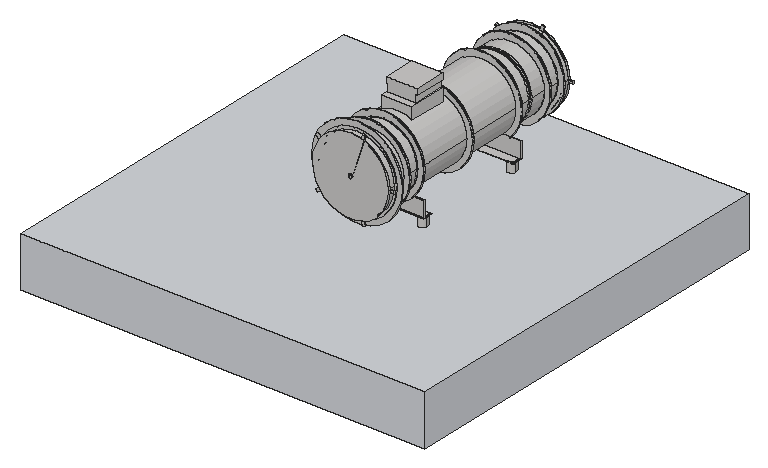
Revit family "HARMANN - REVIT - MAXEE_EC- poziomy", category Wyposażenie mechaniczne, Revit 2025
Family settings
  Obiekt nadrzędny = Powierzchnia
  Wymiar okrągłego złącza = Użyj średnicy
  Klasyfikacja = Brak
  Typ części = Normalny
  Tnij formami wycięć po wczytaniu = Nie
  Zachowaj orientację opisów = Nie
  Współdzielony = Nie
  Punkt obliczania pomieszczeń = Nie
Parameters (values of type "MAXEE 400/8900EC")
  Zaznacz wybrane akcesoria [instance] = "Wybierz akcesoria"  # constant formula
  Zasilanie natężenie maksymalne Imax = 10.3 A
  Zasilanie napięcie nominalne Unom = 230 V  # constant formula
  Zasilanie fmin = 1 V  # constant formula
  Zasilanie fmax = 10 V  # constant formula
  Zasilanie Moc maksymalna Pmax = 1460 W
  Zasilanie Ilość faz = 1  # constant formula
  Wysokość FSD = size_lookup(Lookup Table Name, "Wysokość FSD", 1.00 mm, N1)  # 57.00 mm
  Wysokość FAL = size_lookup(Lookup Table Name, "Wysokość FAL", 1.00 mm, N1)  # 99.00 mm
  Wysokość = R2 - (Wysokość FAL / 2) + 8.00 mm  # 158.50 mm
  Temperatura pracy T = 60 °C  # constant formula
  TRA [instance] = and(D > 999.00 mm, D < 1251.00 mm)  # no
  Rzeczywista Wartość Przepływu Wylot [instance] = Podaj Rzeczywistą Wartość Przepływu Wylot  # 0.0 m³/h
  Rzeczywista Wartość Przepływu Wlot [instance] = Podaj Rzeczywistą Wartość Przepływu Wlot  # 0.0 m³/h
  R2 = D / 2  # 200.00 mm
  Wyłącznik serwisowy GS [instance] = 1 = 1  # yes
  Podaj Rzeczywistą Wartość Przepływu Wylot [instance] = 0.0 m³/h
  Podaj Rzeczywistą Wartość Przepływu Wlot [instance] = 0.0 m³/h
  Odległość pomiędzy stopami wentylatora [instance] = if(Czy Przyłącze okrągłe RVS, 3.00 mm, Długość RVS SPR + 3.00 mm)  # 3.00 mm
  Numer artykułu = "15409300"
  Długość RVS SPR [instance] = if(Czy Przyłącze okrągłe RVS, Długość RVS, 0.00 mm)  # 368.00 mm
  Długość RVK H SPR [instance] = if(Czy Klapa Zwrotna RVK H, Długość RVK H, 0.00 mm)  # 218.00 mm
  Długość RVK H [instance] = size_lookup(Lookup Table Name, "Długość RVK H F4", 1.00 mm, N1)  # 218.00 mm
  Długość EXP od strony tłoczonej SPR [instance] = if(Czy Złącze Elastyczne EXP, Długość EXP, 0.00 mm)  # 105.00 mm
  Długość EXP SPR [instance] = if(Czy Złącze Elastyczne EXP od strony tłocznej, Długość EXP, 0.00 mm)  # 105.00 mm
  Długość RAF SPR [instance] = if(Czy Kołnierz Wlotowy RAF od strony tłocznej, Długość RAF, 0.00 mm)  # 40.00 mm
  Długość ESD SPR [instance] = if(Czy Dysza wlotowa ESD, Długość ESD, 0.00 mm)  # 100.00 mm
  Czy Siatka Ochronna SGW od strony ssawnej [instance] = yes
  Czy Siatka Ochronna SGW od strony tłocznej [instance] = yes
  Czy Przyłącze okrągłe RVS [instance] = yes
  Powietrze ciśnienie statyczne maksymalne dPmax = 510.0 Pa
  Powietrze Przepływ Maksymalny Qmax = 8900.0 m³/h
  Obroty nominalne nnom = 26100.000 obr./min
  N1 = 6 mm
  Model = "MAXEE 400/8900EC"
  Moc akustyczna nominalna obudowa Lwa = "79 dB(A)"
  Masa = 20.40 kg
  Producent = "Harmann Polska Sp. z o.o."  # constant formula
  MAXEE_EC = HARMANN - MAXEE : MAXEE 400/8900EC
  Lookup Table Name = "MAXEE EC"
  Klasa odporności ogniowej Tmax = "brak"
  F = size_lookup(Lookup Table Name, "F", 1.00 mm, N1)  # 396.00 mm
  Długość TRA [instance] = if(Czy Przyłącze okrągłe RVS, Długość RVS + Długość MAXEE - (23.50 mm * 2), Długość MAXEE - (23.50 mm * 2))  # 689.00 mm
  Długość RVS [instance] = size_lookup(Lookup Table Name, "Długość RVS", 1.00 mm, N1)  # 368.00 mm
  Długość EXP [instance] = size_lookup(Lookup Table Name, "Długość RAS F4", 1.00 mm, N1)  # 105.00 mm
  Długość RAF [instance] = size_lookup(Lookup Table Name, "Długość RAF", 1.00 mm, N1)  # 40.00 mm
  Długość MAXEE = size_lookup(Lookup Table Name, "B", 1.00 mm, N1)  # 368.00 mm
  Długość ESD [instance] = size_lookup(Lookup Table Name, "Długość ESD", 1.00 mm, N1)  # 100.00 mm
  Opis = "Kanałowy wentylator bytowy"  # constant formula
  Domyślna rzędna = 1219.20 mm
  D2 = D + 6.00 mm  # 406.00 mm
  D = size_lookup(Lookup Table Name, "D", 1.00 mm, N1)  # 400.00 mm
  Czy Złącze Elastyczne EXP [instance] = yes
  Czy Złącze Elastyczne EXP od strony tłocznej [instance] = yes
  Czy Kołnierz Wlotowy RAF od strony tłocznej [instance] = 1 = 1  # yes
  Czy Kołnierz Wlotowy RAF od strony ssawnej [instance] = 1 = 1  # yes
  Czy Klapa Zwrotna RVK H [instance] = yes
  Czy Dysza wlotowa ESD [instance] = yes
  Ciśnienie akustyczne nominalne obudowa Lpa = "72 dB(A)"
  C = size_lookup(Lookup Table Name, "C", 1.00 mm, N1)  # 450.00 mm
  B = size_lookup(Lookup Table Name, "B", 1.00 mm, N1)  # 368.00 mm
  Autor = "https://www.archispace.com/"
  Akcesoria od strony tłocznej (WYLOT) [instance] = "Akcesoria od strony tłocznej"  # constant formula
  Akcesoria od strony ssawnej (WLOT) [instance] = "Akcesoria od strony ssawnej"  # constant formula
  Akc SGE dla ESD = HARMANN - Akcesoria - SGE : SGE 450
  Akc SGE = HARMANN - Akcesoria - SGE : SGE 400
  Akc RVS = HARMANN - Akcesoria - RVS : RVS 400
  Akc RVK H = HARMANN - Akcesoria - RVK H : RVK H 400
  Akc EXP = HARMANN - Akcesoria - EXP : EXP 400
  Akc RAF = HARMANN - Akcesoria - RAF : RAF 400
  Akc FSD = HARMANN - Akcesoria - FSD : FSD 02
  Akc FAL = HARMANN - Akcesoria - FAL : FAL 400
  Akc ESD = HARMANN - Akcesoria - ESD : ESD 400
  A = size_lookup(Lookup Table Name, "A", 1.00 mm, N1)  # 480.00 mm
Reference planes
  plane 1 "Center (Front/Back)": y = 0
  plane 2: z = 0
  plane 3 "Center (Left/Right)": x = 0
  plane 4: z = 57
  plane 5: z = 314.5
  plane 6: y = 736
  plane 7: y = 368
  plane 8: y = -105
  plane 9: y = -205
  plane 10: y = 1059
  plane 11: y = 1099
  plane 12: y = 954
  plane 13: y = 54
  plane 14: y = 733
  plane 15: x = -240
  plane 16: x = 240
  plane 17: z = 156
  plane 18: y = -245
Forms (mm)
  Extrusion 1, solid
    sketch origin (0, 0, 0) x (1, 0, 0) y (0, 1, 0)
      loop
        line (-1219.2, 1219.2) -> (-1219.2, -1219.2) -> (1219.2, -1219.2) -> (1219.2, 1219.2) -> (-1219.2, 1219.2)
    from 0 to -304.8
Dimensions and locks
  "Wysokość FSD": plane 4 to level
  "Wysokość": plane 5 to plane 17
  "Długość RVS SPR": plane 6 to plane 7
  "Długość MAXEE": plane 1 "Center (Front/Back)" to plane 7
  "Długość EXP od strony tłoczonej SPR": plane 8 to plane 1 "Center (Front/Back)"
  "Długość ESD SPR": plane 8 to plane 9
  "Długość RAF SPR": plane 11 to plane 10
  "Długość RVK H SPR": plane 12 to plane 6
  "Długość EXP SPR": plane 10 to plane 12
  locked: plane 13 to plane 1 "Center (Front/Back)" at 54
  "Odległość pomiędzy stopami wentylatora": plane 6 to plane 14
  equal spacing: plane 15, plane 3 "Center (Left/Right)", plane 16
  "A": plane 15 to plane 16
  locked: plane 15 to nested 17 at 32.5
  locked: plane 14 to nested 17 at 5
  "Wysokość FAL": plane 17 to plane 4
  locked: nested 21 to plane 16 at 32.5
  locked: plane 14 to nested 21 at 31
  locked: plane 1 "Center (Front/Back)" to nested 23 at 31
  locked: plane 1 "Center (Front/Back)" to nested 22 at 31
  locked: plane 15 to nested 22 at 32.5
  locked: nested 23 to plane 16 at 32.5
  plane 5 to level = 314.50 mm
  locked: plane 1 "Center (Front/Back)" to nested 24 at 23.5
  locked: plane 1 "Center (Front/Back)" to nested 25 at 23.5
  "Długość RAF SPR": plane 9 to plane 18
  nested 26 to plane 16 = 240.00 mm
  aligned and locked: plane 2 to Extrusion 1
  aligned and locked: level to Extrusion 1
  aligned and locked: plane 3 "Center (Left/Right)" to nested 3
  aligned and locked: plane 5 to nested 3
  aligned and locked: nested 3 to plane 6
  aligned and locked: plane 1 "Center (Front/Back)" to nested 5
  aligned and locked: plane 3 "Center (Left/Right)" to nested 5
  aligned and locked: plane 5 to nested 5
  aligned and locked: plane 3 "Center (Left/Right)" to nested 1
  aligned and locked: plane 3 "Center (Left/Right)" to nested 6
  aligned and locked: plane 3 "Center (Left/Right)" to nested 2
  aligned and locked: plane 5 to nested 7
  aligned and locked: plane 5 to nested 6
  aligned and locked: plane 5 to nested 1
  aligned and locked: plane 5 to nested 2
  aligned and locked: plane 1 "Center (Front/Back)" to nested 6
  aligned and locked: nested 7 to plane 9
  aligned and locked: plane 3 "Center (Left/Right)" to nested 7
  aligned and locked: nested 1 to plane 10
  aligned and locked: nested 2 to plane 11
  aligned and locked: plane 5 to nested 12
  aligned and locked: plane 3 "Center (Left/Right)" to nested 12
  aligned and locked: nested 12 to plane 12
  aligned and locked: nested 15 to plane 3 "Center (Left/Right)"
  aligned and locked: plane 3 "Center (Left/Right)" to nested 16
  aligned and locked: nested 16 to plane 11
  aligned and locked: nested 19 to plane 14
  aligned and locked: plane 3 "Center (Left/Right)" to nested 19
  aligned and locked: plane 1 "Center (Front/Back)" to nested 20
  aligned and locked: nested 20 to plane 3 "Center (Left/Right)"
  aligned and locked: nested 19 to plane 4
  aligned and locked: plane 4 to nested 20
  aligned and locked: nested 24 to plane 16
  aligned and locked: nested 25 to plane 15
  aligned and locked: nested 25 to plane 4
  aligned and locked: plane 4 to nested 24
  aligned and locked: nested 26 to plane 3 "Center (Left/Right)"
  aligned and locked: nested 15 to plane 18
  aligned and locked: plane 5 to nested 26
  aligned and locked: plane 5 to nested 15
  aligned and locked: nested 26 to plane 18
  aligned and locked: plane 5 to nested 16
Automatic sketch dimensions
  Extrusion 1 sketch curve to Extrusion 1 sketch curve = 2438.40 mm  (x2)
Nested families
  nested 1: "HARMANN - Akcesoria - EXP" at (0, 954, 314.5), visible <- "Czy Złącze Elastyczne EXP od strony tłocznej", type <- "Akc EXP", type "EXP 400"
    with N1 3 mm, Masa 3.70 kg, E 105.00 mm, D 404.00 mm, B 400.00 mm, A2 480.00 mm, A 450.00 mm
  nested 2: "HARMANN - Akcesoria - RAF" at (0, 1059, 314.5), type <- "Akc RAF", visible <- "Czy Kołnierz Wlotowy RAF od strony tłocznej", type "RAF 400"
  nested 3: "HARMANN - Akcesoria - RVS" at (0, 368, 314.5), type <- "Akc RVS", visible <- "Czy Przyłącze okrągłe RVS", type "RVS 400"
  nested 4: "HARMANN - Akcesoria - RVS" at (0, 383, 758), type <- "Akc RVS", visible <- "Czy Przyłącze okrągłe RVS", type "RVS 400", not visible
  nested 5: "HARMANN - MAXEE" at (0, 0, 314.5), type <- "MAXEE_EC", type "MAXEE 400/8900EC"
  nested 6: "HARMANN - Akcesoria - EXP" at (0, -105, 314.5), visible <- "Czy Złącze Elastyczne EXP", type <- "Akc EXP", type "EXP 400"
    with N1 3 mm, Masa 3.70 kg, E 105.00 mm, D 404.00 mm, B 400.00 mm, A2 480.00 mm, A 450.00 mm
  nested 7: "HARMANN - Akcesoria - ESD" at (0, -205, 314.5), type <- "Akc ESD", visible <- "Czy Dysza wlotowa ESD", type "ESD 400"
  nested 8: "HARMANN - Akcesoria - EXP" at (0, -120, 758), visible <- "Czy Złącze Elastyczne EXP", type <- "Akc EXP", type "EXP 400", not visible
    with N1 3 mm, Masa 3.70 kg, E 105.00 mm, D 404.00 mm, B 400.00 mm, A2 480.00 mm, A 450.00 mm
  nested 9: "HARMANN - Akcesoria - ESD" at (0, -759, 758), type <- "Akc ESD", visible <- "Czy Dysza wlotowa ESD", type "ESD 400", not visible
  nested 10: "HARMANN - Akcesoria - EXP" at (0, 1306, 758), visible <- "Czy Złącze Elastyczne EXP od strony tłocznej", type <- "Akc EXP", type "EXP 400", not visible
    with N1 3 mm, Masa 3.70 kg, E 105.00 mm, D 404.00 mm, B 400.00 mm, A2 480.00 mm, A 450.00 mm
  nested 11: "HARMANN - Akcesoria - RAF" at (0, 1526, 758), type <- "Akc RAF", visible <- "Czy Kołnierz Wlotowy RAF od strony tłocznej", type "RAF 400", not visible
  nested 12: "HARMANN - Akcesoria - RVK H" at (0, 736, 314.5), visible <- "Czy Klapa Zwrotna RVK H", type <- "Akc RVK H", type "RVK H 400"
    with N1 3 mm, E 218.00 mm, D 404.00 mm, B 400.00 mm, A2 480.00 mm, A 450.00 mm
  nested 13: "HARMANN - Akcesoria - RVK H" at (0, 833, 415.5), visible <- "Czy Klapa Zwrotna RVK H", type <- "Akc RVK H", type "RVK H 400", not visible
    with N1 3 mm, E 218.00 mm, D 404.00 mm, B 400.00 mm, A2 480.00 mm, A 450.00 mm
  nested 14: "HARMANN - Akcesoria - SGE" at (0, -431, 758), visible <- "Czy Siatka Ochronna SGW od strony ssawnej", type <- "Akc SGE dla ESD", type "SGE 450", not visible
  nested 15: "HARMANN - Akcesoria - SGE" at (0, -245, 314.5), visible <- "Czy Siatka Ochronna SGW od strony ssawnej", type <- "Akc SGE dla ESD", type "SGE 450"
  nested 16: "HARMANN - Akcesoria - SGE" at (0, 1099, 314.5), visible <- "Czy Siatka Ochronna SGW od strony tłocznej", type <- "Akc SGE dla ESD", type "SGE 450"
  nested 17: "HARMANN - Akcesoria - FSD" at (-207.5, 702, 0), type <- "Akc FSD", type "FSD 02"
  nested 18: "HARMANN - Akcesoria - SGE" at (0, 1167, 647), visible <- "Czy Siatka Ochronna SGW od strony tłocznej", type <- "Akc SGE dla ESD", type "SGE 450", not visible
  nested 19: "HARMANN - Akcesoria - FAL" at (0, 733, 57), type <- "Akc FAL", R2 <- "R2", type "FAL 400"
    with R2 200.00 mm
  nested 20: "HARMANN - Akcesoria - FAL" at (0, 0, 57), type <- "Akc FAL", R2 <- "R2", type "FAL 400"
    with R2 200.00 mm
  nested 21: "HARMANN - Akcesoria - FSD" at (207.5, 702, 0), type <- "Akc FSD", type "FSD 02"
  nested 22: "HARMANN - Akcesoria - FSD" at (-207.5, 31, 0), type <- "Akc FSD", type "FSD 02"
  nested 23: "HARMANN - Akcesoria - FSD" at (207.5, 31, 0), type <- "Akc FSD", type "FSD 02"
  nested 24: "HARMANN - Akcesoria - TRA" at (240, 368, 57) x (0, 1, 0) z (0, 0, 1), visible <- "TRA", C <- "Długość TRA", type "HARMANN - Akcesoria - TRA"
    with C 689.00 mm
  nested 25: "HARMANN - Akcesoria - TRA" at (-240, 368, 57) x (0, 1, 0) z (0, 0, 1), visible <- "TRA", C <- "Długość TRA", type "HARMANN - Akcesoria - TRA"
    with C 689.00 mm
  nested 26: "HARMANN - Akcesoria - RAF" at (0, -205, 314.5), type <- "Akc RAF", visible <- "Czy Kołnierz Wlotowy RAF od strony ssawnej", type "RAF 400"
  nested 27: "HARMANN - Akcesoria - RAF" at (0, -799, 727), type <- "Akc RAF", visible <- "Czy Kołnierz Wlotowy RAF od strony ssawnej", type "RAF 400", not visible
Connectors
  electrical at (0, 229.75, 649.5), driven by "Zasilanie Ilość faz", driven by "Zasilanie napięcie nominalne Unom", driven by "Zasilanie Moc maksymalna Pmax", driven by "Zasilanie Moc maksymalna Pmax"
    settings: on nested 5, index 1, voltage 230 V, apparent load 1460 VA, apparent load phase1 1460 VA, apparent load phase2 0 VA, apparent load phase3 0 VA, power factor 1, load classification "Other", number of poles 1, system type 30, power factor state 1, is connector primary yes, connector utility no, sub classification motor no, connector description ""
  hvac at (0, 1059, 314.5), driven by "D", driven by "Rzeczywista Wartość Przepływu Wylot"
    settings: on nested 2, index 2, duct flow 0.0 m³/h, flow factor 0, pres drop 0.0 Pa, loss coef 0, conn angle 0.00°, conn width 304.8 mm, conn height 304.8 mm, conn diameter 400 mm, duct sys type 29, conn prof type 0, flow config 0, flow direction 2, loss method 0, conn ref index -1, conn util no, is conn primary yes, conn desc ""
  hvac at (0, -205, 314.5), driven by "D", driven by "Rzeczywista Wartość Przepływu Wlot"
    settings: on nested 26, index 3, duct flow 0.0 m³/h, flow factor 0, pres drop 0.0 Pa, loss coef 0, conn angle 0.00°, conn width 304.8 mm, conn height 304.8 mm, conn diameter 400 mm, duct sys type 29, conn prof type 0, flow config 1, flow direction 1, loss method 0, conn ref index -1, conn util no, is conn primary no, conn desc ""
Definition of nested family "HARMANN - Akcesoria - EXP"
  Parameters (values of type "RAS 315 F4")
    N1 = 1 mm
    Model = size_lookup(Lookup Table Name, "Model", "n/a", N1)  # "RAS 315 F4"
    Masa = 2.70 kg
    Manufacturer = "Harmann Polska Sp. z o.o."  # constant formula
    Lookup Table Name = "RAS F4"
    E = size_lookup(Lookup Table Name, "E", 1.00 mm, N1)  # 120.00 mm
    Description = "Złącze elastyczne"  # constant formula
    Default Elevation = 0.00 mm
    D = B + 4.00 mm  # 319.00 mm
    B = size_lookup(Lookup Table Name, "B", 1.00 mm, N1)  # 315.00 mm
    A2 = A + 30.00 mm  # 385.00 mm
    A = size_lookup(Lookup Table Name, "A", 1.00 mm, N1)  # 355.00 mm
  Types (13, lengths in mm): name | N1 | Model | Masa | E | D | B | A2 | A
    RAS 1000 F4 | 11 | "RAS 1000 F4" | 16.50 kg | 245.00 | 1004.00 | 1000.00 | 1100.00 | 1070.00
    RAS 315 F4 | 1 | "RAS 315 F4" | 2.70 kg | 120.00 | 319.00 | 315.00 | 385.00 | 355.00
    RAS 355 F4 | 2 | "RAS 355 F4" | 3.30 kg | 120.00 | 359.00 | 355.00 | 425.00 | 395.00
    RAS 400 F4 | 3 | "RAS 400 F4" | 3.70 kg | 105.00 | 404.00 | 400.00 | 480.00 | 450.00
    RAS 450 F4 | 4 | "RAS 450 F4" | 4.50 kg | 105.00 | 454.00 | 450.00 | 530.00 | 500.00
    RAS 500 F4 | 5 | "RAS 500 F4" | 6.00 kg | 153.00 | 504.00 | 500.00 | 590.00 | 560.00
    RAS 560 F4 | 6 | "RAS 560 F4" | 6.60 kg | 153.00 | 564.00 | 560.00 | 650.00 | 620.00
    RAS 630 F4 | 7 | "RAS 630 F4" | 7.40 kg | 153.00 | 634.00 | 630.00 | 720.00 | 690.00
    RAS 710 F4 | 8 | "RAS 710 F4" | 12.50 kg | 255.00 | 714.00 | 710.00 | 800.00 | 770.00
    RAS 800 F4 | 9 | "RAS 800 F4" | 13.20 kg | 255.00 | 804.00 | 800.00 | 890.00 | 860.00
    RAS 900 F4 | 10 | "RAS 900 F4" | 14.90 kg | 245.00 | 904.00 | 900.00 | 1000.00 | 970.00
    RAS 1120 F4 | 12 | "RAS 1120 F4" | 18.50 kg | 235.00 | 1124.00 | 1120.00 | 1220.00 | 1190.00
    RAS 1250 F4 | 13 | "RAS 1250 F4" | 20.60 kg | 235.00 | 1254.00 | 1250.00 | 1350.00 | 1320.00
  Reference planes
    plane 1 "Center (Front/Back)": y = 0
    plane 2: z = 0
    plane 3 "Center (Left/Right)": x = 0
    plane 4: x = -177.5
    plane 5: x = 177.5
    plane 6: z = 177.5
    plane 7: z = -177.5
    plane 8: y = 120
    plane 9 "Center L/S": y = 3
    plane 10: y = 117
    plane 11: y = 20
    plane 12: y = 100
  Forms (mm)
    Sweep 1, solid, detail levels medium+fine
      path origin (0, 0, 0) x (1, 0, 0) y (0, 1, 0)
        loop
          line (0, 117) -> (0, 3)
      profile origin (0, 60, 0) x (1, 0, 0) y (0, 0, 1)
        loop
          circle (0, 0) r 159.5
        loop
          circle (0, 0) r 157.5
    Sweep 2, solid, detail levels medium+fine
      path origin (0, 0, 0) x (1, 0, 0) y (0, 1, 0)
        loop
          line (0, 120) -> (0, 117)
      profile origin (0, 118.5, 0) x (1, 0, 0) y (0, 0, 1)
        loop
          circle (0, 0) r 192.5
        loop
          circle (0, 0) r 157.5
    Sweep 3, solid, detail levels medium+fine
      path origin (0, 0, 0) x (1, 0, 0) y (0, 1, 0)
        loop
          line (0, 3) -> (0, 0)
      profile origin (0, 1.5, 0) x (1, 0, 0) y (0, 0, 1)
        loop
          circle (0, 0) r 192.5
        loop
          circle (0, 0) r 157.5
    Sweep 4, solid, detail levels coarse
      path origin (0, 0, 0) x (1, 0, 0) y (0, 1, 0)
        loop
          line (0, 120) -> (0, 0)
      profile origin (0, 60, 0) x (1, 0, 0) y (0, 0, 1)
        loop
          circle (0, 0) r 192.5
    Sweep 5, solid, detail levels medium+fine
      path origin (0, 0, 0) x (1, 0, 0) y (0, 1, 0)
        loop
          line (0, 102) -> (0, 98)
      profile origin (0, 100, 0) x (1, 0, 0) y (0, 0, 1)
        loop
          circle (0, 0) r 159.5
        loop
          circle (0, 0) r 157.5
    Sweep 6, solid, detail levels medium+fine
      path origin (0, 0, 0) x (1, 0, 0) y (0, 1, 0)
        loop
          line (0, 22) -> (0, 18)
      profile origin (0, 20, 0) x (1, 0, 0) y (0, 0, 1)
        loop
          circle (0, 0) r 159.5
        loop
          circle (0, 0) r 157.5
  Dimensions and locks
    equal spacing: plane 5, plane 3 "Center (Left/Right)", plane 4
    "A": plane 5 to plane 4
    equal spacing: plane 6, level, plane 7
    "A": plane 6 to plane 7
    locked: plane 1 "Center (Front/Back)" to plane 9 "Center L/S" at 3
    locked: plane 10 to plane 8 at 3
    locked: plane 11 to plane 8 at 100
    "E": plane 1 "Center (Front/Back)" to plane 8
    locked: plane 1 "Center (Front/Back)" to plane 12 at 100
    equal spacing: Sweep 5 sketch curve, plane 12, Sweep 5 sketch curve
    Sweep 5 sketch curve to Sweep 5 sketch curve = 4.00 mm
    locked: Sweep 6 sketch curve to Sweep 6 sketch curve at 4
    equal spacing: Sweep 6 sketch curve, plane 11, Sweep 6 sketch curve
    "B": diameter of Sweep 1 sketch curve
    "B": diameter of Sweep 2 sketch curve
    "A2": diameter of Sweep 2 sketch curve
    "B": diameter of Sweep 3 sketch curve
    "A2": diameter of Sweep 3 sketch curve
    "A2": diameter of Sweep 4 sketch curve
    "D": diameter of Sweep 1 sketch curve
    "D": diameter of Sweep 5 sketch curve
    "B": diameter of Sweep 5 sketch curve
    "D": diameter of Sweep 6 sketch curve
    "B": diameter of Sweep 6 sketch curve
    aligned and locked: level to plane 2
    aligned and locked: Sweep 1 sketch curve to plane 3 "Center (Left/Right)"
    aligned and locked: plane 10 to Sweep 1 sketch curve
    aligned and locked: plane 9 "Center L/S" to Sweep 1 sketch curve
    aligned and locked: Sweep 2 sketch curve to plane 3 "Center (Left/Right)"
    aligned and locked: plane 8 to Sweep 2 sketch curve
    aligned and locked: plane 10 to Sweep 2 sketch curve
    aligned and locked: plane 1 "Center (Front/Back)" to Sweep 3 sketch curve
    aligned and locked: plane 9 "Center L/S" to Sweep 3 sketch curve
    aligned and locked: plane 8 to Sweep 4 sketch curve
    aligned and locked: plane 1 "Center (Front/Back)" to Sweep 4 sketch curve
  Automatic sketch dimensions
    Sweep 3 sketch curve to plane 3 "Center (Left/Right)" = 0.00 mm
    Sweep 4 sketch curve to plane 3 "Center (Left/Right)" = 0.00 mm
    Sweep 5 sketch curve to plane 3 "Center (Left/Right)" = 0.00 mm
    Sweep 6 sketch curve to plane 3 "Center (Left/Right)" = 0.00 mm
    Sweep 1 sketch curve to Sweep 1 sketch curve = 0.00 mm  (x2)
    Sweep 1 sketch curve to level = 0.00 mm
    profile plane to Sweep 1 sketch curve = 0.00 mm
    Sweep 2 sketch curve to Sweep 2 sketch curve = 0.00 mm  (x2)
    Sweep 2 sketch curve to level = 0.00 mm
    profile plane to Sweep 2 sketch curve = 0.00 mm
    Sweep 3 sketch curve to Sweep 3 sketch curve = 0.00 mm  (x2)
    Sweep 3 sketch curve to level = 0.00 mm
    profile plane to Sweep 3 sketch curve = 0.00 mm
    Sweep 4 sketch curve to level = 0.00 mm
    profile plane to Sweep 4 sketch curve = 0.00 mm
    Sweep 5 sketch curve to Sweep 5 sketch curve = 0.00 mm  (x2)
    Sweep 5 sketch curve to level = 0.00 mm
    profile plane to Sweep 5 sketch curve = 0.00 mm
    Sweep 6 sketch curve to Sweep 6 sketch curve = 0.00 mm  (x2)
    Sweep 6 sketch curve to level = 0.00 mm
    profile plane to Sweep 6 sketch curve = 0.00 mm
Definition of nested family "HARMANN - Akcesoria - RAF"
  Parameters (values of type "RAF 1250")
    Numer artykułu = size_lookup(Lookup Table Name, "Numer artykułu", "n/a", N1)  # "15750300"
    N1 = 13 mm
    Model = size_lookup(Lookup Table Name, "Model", "n/a", N1)  # "RAF 1250"
    Manufacturer = "Harmann Polska Sp. z o.o."  # constant formula
    Lookup Table Name = "RAF"
    E = size_lookup(Lookup Table Name, "E", 1.00 mm, N1)  # 105.00 mm
    Description = "Kołnierz wlotowy dedykowany dla wentylatorów kanałowych MAXEE."
    Default Elevation = 0.00 mm
    B = size_lookup(Lookup Table Name, "B", 1.00 mm, N1)  # 1244.00 mm
    A2 = A + 30.00 mm  # 1350.00 mm
    B2 = B + 54.00 mm  # 1298.00 mm
    A = size_lookup(Lookup Table Name, "A", 1.00 mm, N1)  # 1320.00 mm
  Types (13, lengths in mm): name | Numer artykułu | N1 | Model | E | B | A2 | B2 | A
    RAF 1000 | "15741400" | 11 | "RAF 1000" | 110.00 | 994.00 | 1100.00 | 1048.00 | 1070.00
    RAF 315 | "15401600" | 1 | "RAF 315" | 48.00 | 310.00 | 385.00 | 364.00 | 355.00
    RAF 355 | "15401800" | 2 | "RAF 355" | 48.00 | 350.00 | 425.00 | 404.00 | 395.00
    RAF 400 | "15401900" | 3 | "RAF 400" | 40.00 | 395.00 | 480.00 | 449.00 | 450.00
    RAF 450 | "15402000" | 4 | "RAF 450" | 40.00 | 446.00 | 530.00 | 500.00 | 500.00
    RAF 500 | "15402100" | 5 | "RAF 500" | 63.00 | 495.00 | 590.00 | 549.00 | 560.00
    RAF 560 | "15402200" | 6 | "RAF 560" | 63.00 | 555.00 | 650.00 | 609.00 | 620.00
    RAF 630 | "15402300" | 7 | "RAF 630" | 63.00 | 625.00 | 720.00 | 679.00 | 690.00
    RAF 710 | "15402400" | 8 | "RAF 710" | 59.00 | 705.00 | 800.00 | 759.00 | 770.00
    RAF 800 | "15739500" | 9 | "RAF 800" | 58.00 | 794.00 | 890.00 | 848.00 | 860.00
    RAF 900 | "15740600" | 10 | "RAF 900" | 53.00 | 894.00 | 1000.00 | 948.00 | 970.00
    RAF 1120 | "15749700" | 12 | "RAF 1120" | 105.00 | 1114.00 | 1220.00 | 1168.00 | 1190.00
    RAF 1250 | "15750300" | 13 | "RAF 1250" | 105.00 | 1244.00 | 1350.00 | 1298.00 | 1320.00
  Reference planes
    plane 1 "Center (Front/Back)": y = 0
    plane 2: z = 0
    plane 3 "Center (Left/Right)": x = 0
    plane 4: x = -660
    plane 5: x = 660
    plane 6: z = 660
    plane 7: z = -660
    plane 8: y = 105
    plane 9 "Center L/S": y = 3
  Forms (mm)
    Sweep 1, solid, detail levels medium+fine
      path origin (0, 0, 0) x (1, 0, 0) y (0, 1, 0)
        loop
          line (0, 105) -> (0, 3)
      profile origin (0, 54, 0) x (1, 0, 0) y (0, 0, 1)
        loop
          circle (0, 0) r 622
        loop
          circle (0, 0) r 649
    Sweep 2, solid, detail levels medium+fine
      path origin (0, 0, 0) x (1, 0, 0) y (0, 1, 0)
        loop
          line (0, 3) -> (0, 0)
      profile origin (0, 1.5, 0) x (1, 0, 0) y (0, 0, 1)
        loop
          circle (0, 0) r 675
        loop
          circle (0, 0) r 622
    Sweep 3, solid, detail levels coarse
      path origin (0, 0, 0) x (1, 0, 0) y (0, 1, 0)
        loop
          line (0, 105) -> (0, 0)
      profile origin (0, 52.5, 0) x (1, 0, 0) y (0, 0, 1)
        loop
          circle (0, 0) r 675
  Dimensions and locks
    equal spacing: plane 5, plane 3 "Center (Left/Right)", plane 4
    "A": plane 5 to plane 4
    equal spacing: plane 6, level, plane 7
    "A": plane 6 to plane 7
    locked: plane 1 "Center (Front/Back)" to plane 9 "Center L/S" at 3
    "E": plane 1 "Center (Front/Back)" to plane 8
    "B2": diameter of Sweep 1 sketch curve
    "B": diameter of Sweep 2 sketch curve
    "A2": diameter of Sweep 2 sketch curve
    "A2": diameter of Sweep 3 sketch curve
    "B": diameter of Sweep 1 sketch curve
    aligned and locked: level to plane 2
    aligned and locked: Sweep 1 sketch curve to plane 3 "Center (Left/Right)"
    aligned and locked: plane 9 "Center L/S" to Sweep 1 sketch curve
    aligned and locked: plane 1 "Center (Front/Back)" to Sweep 2 sketch curve
    aligned and locked: plane 9 "Center L/S" to Sweep 2 sketch curve
    aligned and locked: plane 8 to Sweep 3 sketch curve
    aligned and locked: plane 1 "Center (Front/Back)" to Sweep 3 sketch curve
    aligned and locked: plane 8 to Sweep 1 sketch curve
  Automatic sketch dimensions
    Sweep 2 sketch curve to plane 3 "Center (Left/Right)" = 0.00 mm
    Sweep 3 sketch curve to plane 3 "Center (Left/Right)" = 0.00 mm
    Sweep 1 sketch curve to Sweep 1 sketch curve = 0.00 mm  (x2)
    Sweep 1 sketch curve to level = 0.00 mm
    profile plane to Sweep 1 sketch curve = 0.00 mm
    Sweep 2 sketch curve to Sweep 2 sketch curve = 0.00 mm  (x2)
    Sweep 2 sketch curve to level = 0.00 mm
    profile plane to Sweep 2 sketch curve = 0.00 mm
    Sweep 3 sketch curve to level = 0.00 mm
    profile plane to Sweep 3 sketch curve = 0.00 mm
Definition of nested family "HARMANN - Akcesoria - RVS"
  Parameters (values of type "RVS 1250")
    N1 = 13 mm
    Model = size_lookup(Lookup Table Name, "Model", "n/a", N1)  # "RVS 1250"
    Manufacturer = "Harmann Polska Sp. z o.o."  # constant formula
    Lookup Table Name = "RVS"
    E = size_lookup(Lookup Table Name, "E", 1.00 mm, N1)  # 308.00 mm
    Description = "Przyłącze okrągłe"  # constant formula
    Default Elevation = 0.00 mm
    B2 = B + 6.00 mm  # 1256.00 mm
    B = size_lookup(Lookup Table Name, "B", 1.00 mm, N1)  # 1250.00 mm
    A2 = A + 30.00 mm  # 1350.00 mm
    A = size_lookup(Lookup Table Name, "A", 1.00 mm, N1)  # 1320.00 mm
  Types (13, lengths in mm): name | N1 | Model | E | B2 | B | A2 | A
    RVS 1000 | 11 | "RVS 1000" | 318.00 | 1006.00 | 1000.00 | 1100.00 | 1070.00
    RVS 315 | 1 | "RVS 315" | 383.00 | 321.00 | 315.00 | 385.00 | 355.00
    RVS 355 | 2 | "RVS 355" | 368.00 | 321.00 | 315.00 | 385.00 | 355.00
    RVS 400 | 3 | "RVS 400" | 368.00 | 406.00 | 400.00 | 480.00 | 450.00
    RVS 450 | 4 | "RVS 450" | 368.00 | 456.00 | 450.00 | 530.00 | 500.00
    RVS 500 | 5 | "RVS 500" | 443.00 | 506.00 | 500.00 | 590.00 | 560.00
    RVS 560 | 6 | "RVS 560" | 443.00 | 566.00 | 560.00 | 650.00 | 620.00
    RVS 630 | 7 | "RVS 630" | 443.00 | 636.00 | 630.00 | 720.00 | 690.00
    RVS 710 | 8 | "RVS 710" | 433.00 | 716.00 | 710.00 | 800.00 | 770.00
    RVS 800 | 9 | "RVS 800" | 328.00 | 806.00 | 800.00 | 890.00 | 860.00
    RVS 900 | 10 | "RVS 900" | 318.00 | 906.00 | 900.00 | 1000.00 | 970.00
    RVS 1120 | 12 | "RVS 1120" | 308.00 | 1126.00 | 1120.00 | 1220.00 | 1190.00
    RVS 1250 | 13 | "RVS 1250" | 308.00 | 1256.00 | 1250.00 | 1350.00 | 1320.00
  Reference planes
    plane 1 "Center (Front/Back)": y = 0
    plane 2: z = 0
    plane 3 "Center (Left/Right)": x = 0
    plane 4: x = -660
    plane 5: x = 660
    plane 6: z = 660
    plane 7: z = -660
    plane 8: y = 308
    plane 9 "Center L/S": y = 3
    plane 10: y = 305
    plane 11: y = 208
    plane 12: y = 318
  Forms (mm)
    Sweep 1, solid, detail levels medium+fine
      path origin (0, 0, 0) x (1, 0, 0) y (0, 1, 0)
        loop
          line (0, 305) -> (0, 3)
      profile origin (0, 154, 0) x (1, 0, 0) y (0, 0, 1)
        loop
          circle (0, 0) r 628
        loop
          circle (0, 0) r 625
    Sweep 2, solid, detail levels medium+fine
      path origin (0, 0, 0) x (1, 0, 0) y (0, 1, 0)
        loop
          line (0, 308) -> (0, 305)
      profile origin (0, 306.5, 0) x (1, 0, 0) y (0, 0, 1)
        loop
          circle (0, 0) r 675
        loop
          circle (0, 0) r 625
    Sweep 3, solid, detail levels medium+fine
      path origin (0, 0, 0) x (1, 0, 0) y (0, 1, 0)
        loop
          line (0, 3) -> (0, 0)
      profile origin (0, 1.5, 0) x (1, 0, 0) y (0, 0, 1)
        loop
          circle (0, 0) r 675
        loop
          circle (0, 0) r 625
    Sweep 4, solid, detail levels coarse
      path origin (0, 0, 0) x (1, 0, 0) y (0, 1, 0)
        loop
          line (0, 308) -> (0, 0)
      profile origin (0, 154, 0) x (1, 0, 0) y (0, 0, 1)
        loop
          circle (0, 0) r 675
  Dimensions and locks
    equal spacing: plane 5, plane 3 "Center (Left/Right)", plane 4
    "A": plane 5 to plane 4
    equal spacing: plane 6, level, plane 7
    "A": plane 6 to plane 7
    locked: plane 1 "Center (Front/Back)" to plane 9 "Center L/S" at 3
    locked: plane 10 to plane 8 at 3
    locked: plane 11 to plane 8 at 100
    "E": plane 1 "Center (Front/Back)" to plane 8
    "B": diameter of Sweep 1 sketch curve
    "B": diameter of Sweep 2 sketch curve
    "A2": diameter of Sweep 2 sketch curve
    "B": diameter of Sweep 3 sketch curve
    "A2": diameter of Sweep 3 sketch curve
    "A2": diameter of Sweep 4 sketch curve
    "B2": diameter of Sweep 1 sketch curve
    aligned and locked: level to plane 2
    aligned and locked: Sweep 1 sketch curve to plane 3 "Center (Left/Right)"
    aligned and locked: plane 10 to Sweep 1 sketch curve
    aligned and locked: plane 9 "Center L/S" to Sweep 1 sketch curve
    aligned and locked: Sweep 2 sketch curve to plane 3 "Center (Left/Right)"
    aligned and locked: plane 8 to Sweep 2 sketch curve
    aligned and locked: plane 10 to Sweep 2 sketch curve
    aligned and locked: plane 1 "Center (Front/Back)" to Sweep 3 sketch curve
    aligned and locked: plane 9 "Center L/S" to Sweep 3 sketch curve
    aligned and locked: plane 8 to Sweep 4 sketch curve
    aligned and locked: plane 1 "Center (Front/Back)" to Sweep 4 sketch curve
  Automatic sketch dimensions
    Sweep 3 sketch curve to plane 3 "Center (Left/Right)" = 0.00 mm
    Sweep 4 sketch curve to plane 3 "Center (Left/Right)" = 0.00 mm
    Sweep 1 sketch curve to Sweep 1 sketch curve = 0.00 mm  (x2)
    Sweep 1 sketch curve to level = 0.00 mm
    profile plane to Sweep 1 sketch curve = 0.00 mm
    Sweep 2 sketch curve to Sweep 2 sketch curve = 0.00 mm  (x2)
    Sweep 2 sketch curve to level = 0.00 mm
    profile plane to Sweep 2 sketch curve = 0.00 mm
    Sweep 3 sketch curve to Sweep 3 sketch curve = 0.00 mm  (x2)
    Sweep 3 sketch curve to level = 0.00 mm
    profile plane to Sweep 3 sketch curve = 0.00 mm
    Sweep 4 sketch curve to level = 0.00 mm
    profile plane to Sweep 4 sketch curve = 0.00 mm
Definition of nested family "HARMANN - MAXEE"
  Parameters (values of type "MAXEE 500/9800EC")
    z = D - 100.00 mm  # 400.00 mm
    y = D - 200.00 mm  # 300.00 mm
    R = D2 / 2  # 253.00 mm
    Numer artykułu = "15411300"
    N1 = 9 mm
    Model = "MAXEE 500/9800EC"
    Lookup Table Name = "MAXEE_EC"
    F = size_lookup(Lookup Table Name, "F", 1.00 mm, N1)  # 465.00 mm
    Description = "Wentylator oddymiający"
    Default Elevation = 0.00 mm
    D2 = D + 6.00 mm  # 506.00 mm
    D = size_lookup(Lookup Table Name, "D", 1.00 mm, N1)  # 500.00 mm
    B = size_lookup(Lookup Table Name, "B", 1.00 mm, N1)  # 443.00 mm
    A = size_lookup(Lookup Table Name, "A", 1.00 mm, N1)  # 590.00 mm
  Types (5, lengths in mm): name | z | y | R | Numer artykułu | N1 | Model | F | Description | D2 | D | B | A
    MAXEE 500/9800EC | 400.00 | 300.00 | 253.00 | "15411300" | 9 | "MAXEE 500/9800EC" | 465.00 | "Wentylator oddymiający" | 506.00 | 500.00 | 443.00 | 590.00
    MAXEE 450/11100EC | 350.00 | 250.00 | 228.00 | "15626200" | 7 | "MAXEE 450/11100EC" | 396.00 | "Wentylator oddymiający" | 456.00 | 450.00 | 368.00 | 530.00
    MAXEE 400/8900EC | 300.00 | 200.00 | 203.00 | "15470700" | 6 | "MAXEE 400/8900EC" | 396.00 | "Wentylator bytowy" | 406.00 | 400.00 | 368.00 | 480.00
    MAXEE 355/7100EC | 255.00 | 155.00 | 180.50 | "15412700" | 4 | "MAXEE 355/7100EC" | 396.00 | "Wentylator oddymiający" | 361.00 | 355.00 | 383.00 | 420.00
    MAXEE 315/5100EC | 215.00 | 115.00 | 160.50 | "15413600" | 2 | "MAXEE 315/5100EC" | 396.00 | "Wentylator bytowy" | 321.00 | 315.00 | 383.00 | 380.00
  Reference planes
    plane 1 "Center (Front/Back)": y = 0
    plane 2: z = 0
    plane 3 "Center (Left/Right)": x = 0
    plane 4: x = -250
    plane 5: x = 250
    plane 6: z = 250
    plane 7: z = -250
    plane 8: y = 443
    plane 9 "Center L/S": y = 3
    plane 10: y = 440
    plane 11: y = 343
    plane 12: y = 465
    plane 13: y = 400
    plane 14: y = 170
    plane 15: x = -92.5
    plane 16: x = 92.5
    plane 17: z = 385
  Forms (mm)
    Sweep 1, solid, detail levels medium+fine
      path origin (0, 0, 0) x (1, 0, 0) y (0, 1, 0)
        loop
          line (0, 440) -> (0, 3)
      profile origin (0, 221.5, 0) x (1, 0, 0) y (0, 0, 1)
        loop
          circle (0, 0) r 250
        loop
          circle (0, 0) r 253
    Sweep 2, solid, detail levels medium+fine
      path origin (0, 0, 0) x (1, 0, 0) y (0, 1, 0)
        loop
          line (0, 443) -> (0, 440)
      profile origin (0, 441.5, 0) x (1, 0, 0) y (0, 0, 1)
        loop
          circle (0, 0) r 295
        loop
          circle (0, 0) r 250
    Sweep 3, solid, detail levels medium+fine
      path origin (0, 0, 0) x (1, 0, 0) y (0, 1, 0)
        loop
          line (0, 3) -> (0, 0)
      profile origin (0, 1.5, 0) x (1, 0, 0) y (0, 0, 1)
        loop
          circle (0, 0) r 295
        loop
          circle (0, 0) r 250
    Sweep 4, solid, detail levels coarse
      path origin (0, 0, 0) x (1, 0, 0) y (0, 1, 0)
        loop
          line (0, 443) -> (0, 0)
      profile origin (0, 221.5, 0) x (1, 0, 0) y (0, 0, 1)
        loop
          circle (0, 0) r 295
    Sweep 5, solid, detail levels medium+fine
      path origin (-1437.329, -1524, 250) x (-1, 0, 0) y (0, -1, 0)
        loop
          line (-1437.329, -1924) -> (-1437.329, -1694)
      profile origin (0, 285, 250) x (1, 0, 0) y (0, 0, 1)
        loop
          line (92.5, -14.516) -> (92.5, 55.5) -> (-92.5, 55.5) -> (-92.5, -14.516)
          arc (-92.5, -14.516) -> (0, 3) -> (92.5, -14.516) r 253
    Sweep 6, solid, detail levels medium+fine
      path origin (-1437.329, -1524, 250) x (-1, 0, 0) y (0, -1, 0)
        loop
          line (-1437.329, -1924) -> (-1437.329, -1733.5)
      profile origin (0, 304.75, 250) x (1, 0, 0) y (0, 0, 1)
        loop
          line (-92.5, 135) -> (-92.5, 98) -> (-83.5, 98) -> (-83.5, 55.5) -> (83.5, 55.5) -> (83.5, 98) -> (92.5, 98) -> (92.5, 135) -> (-92.5, 135)
    Sweep 7, solid, detail levels medium+fine
      path origin (0, 0, 0) x (1, 0, 0) y (0, 1, 0)
        loop
          line (0, 440) -> (0, 3)
      profile origin (0, 221.5, 0) x (1, 0, 0) y (0, 0, 1)
        loop
          circle (0, 0) r 200
    Sweep 8, solid, detail levels medium+fine
      path origin (0, 0, 0) x (1, 0, 0) y (0, 1, 0)
        loop
          line (0, 465) -> (0, 443)
      profile origin (0, 454, 0) x (1, 0, 0) y (0, 0, 1)
        loop
          circle (0, 0) r 150
  Dimensions and locks
    equal spacing: plane 5, plane 3 "Center (Left/Right)", plane 4
    "D": plane 5 to plane 4
    equal spacing: plane 6, level, plane 7
    "D": plane 6 to plane 7
    locked: plane 1 "Center (Front/Back)" to plane 9 "Center L/S" at 3
    locked: plane 10 to plane 8 at 3
    locked: plane 11 to plane 8 at 100
    "F": plane 1 "Center (Front/Back)" to plane 12
    "B": plane 1 "Center (Front/Back)" to plane 8
    locked: plane 13 to plane 8 at 43
    locked: plane 14 to plane 13 at 230
    plane 15 to plane 3 "Center (Left/Right)" to plane 16 = 92.50 mm locked, 92.50 mm locked
    locked: plane 17 to plane 6 at 135
    locked: plane 17 to Sweep 5 sketch curve at 79.5
    locked: plane 17 to Sweep 6 sketch curve at 37
    locked: Sweep 6 sketch curve to plane 17 at 79.5
    locked: Sweep 6 sketch curve to plane 15 at 9
    locked: plane 16 to Sweep 6 sketch curve at 9
    locked: plane 14 to Sweep 6 sketch curve at 39.5
    "D": diameter of Sweep 1 sketch curve
    "D2": diameter of Sweep 1 sketch curve
    "D": diameter of Sweep 2 sketch curve
    "A": diameter of Sweep 2 sketch curve
    "D": diameter of Sweep 3 sketch curve
    "A": diameter of Sweep 3 sketch curve
    "A": diameter of Sweep 4 sketch curve
    "R": radius of Sweep 5 sketch curve
    "z": diameter of Sweep 7 sketch curve
    "y": diameter of Sweep 8 sketch curve
    aligned and locked: level to plane 2
    aligned and locked: Sweep 1 sketch curve to plane 3 "Center (Left/Right)"
    aligned and locked: plane 10 to Sweep 1 sketch curve
    aligned and locked: plane 9 "Center L/S" to Sweep 1 sketch curve
    aligned and locked: Sweep 2 sketch curve to plane 3 "Center (Left/Right)"
    aligned and locked: plane 8 to Sweep 2 sketch curve
    aligned and locked: plane 10 to Sweep 2 sketch curve
    aligned and locked: plane 1 "Center (Front/Back)" to Sweep 3 sketch curve
    aligned and locked: plane 9 "Center L/S" to Sweep 3 sketch curve
    aligned and locked: plane 8 to Sweep 4 sketch curve
    aligned and locked: plane 1 "Center (Front/Back)" to Sweep 4 sketch curve
    aligned and locked: Sweep 5 sketch curve to plane 3 "Center (Left/Right)"
    aligned and locked: plane 14 to Sweep 5 sketch curve
    aligned and locked: plane 13 to Sweep 5 sketch curve
    aligned and locked: Sweep 5 sketch curve to plane 15
    aligned and locked: Sweep 5 sketch curve to plane 16
    aligned and locked: level to Sweep 5 sketch curve
    aligned and locked: plane 3 "Center (Left/Right)" to Sweep 5 sketch curve
    aligned and locked: plane 13 to Sweep 6 sketch curve
    aligned and locked: Sweep 6 sketch curve to plane 15
    aligned and locked: Sweep 6 sketch curve to plane 16
    aligned and locked: Sweep 6 sketch curve to plane 17
    aligned and locked: plane 10 to Sweep 7 sketch curve
    aligned and locked: plane 9 "Center L/S" to Sweep 7 sketch curve
    aligned and locked: plane 12 to Sweep 8 sketch curve
    aligned and locked: plane 8 to Sweep 8 sketch curve
  Automatic sketch dimensions
    Sweep 3 sketch curve to plane 3 "Center (Left/Right)" = 0.00 mm
    Sweep 4 sketch curve to plane 3 "Center (Left/Right)" = 0.00 mm
    Sweep 6 sketch curve to Sweep 6 sketch curve = 37.00 mm
    Sweep 6 sketch curve to plane 3 "Center (Left/Right)" = 0.00 mm
    Sweep 7 sketch curve to plane 3 "Center (Left/Right)" = 0.00 mm
    Sweep 8 sketch curve to plane 3 "Center (Left/Right)" = 0.00 mm
    Sweep 1 sketch curve to Sweep 1 sketch curve = 0.00 mm  (x2)
    Sweep 1 sketch curve to level = 0.00 mm
    profile plane to Sweep 1 sketch curve = 0.00 mm
    Sweep 2 sketch curve to Sweep 2 sketch curve = 0.00 mm  (x2)
    Sweep 2 sketch curve to level = 0.00 mm
    profile plane to Sweep 2 sketch curve = 0.00 mm
    Sweep 3 sketch curve to Sweep 3 sketch curve = 0.00 mm  (x2)
    Sweep 3 sketch curve to level = 0.00 mm
    profile plane to Sweep 3 sketch curve = 0.00 mm
    Sweep 4 sketch curve to level = 0.00 mm
    profile plane to Sweep 4 sketch curve = 0.00 mm
    Sweep 7 sketch curve to level = 0.00 mm
    profile plane to Sweep 7 sketch curve = 0.00 mm
    Sweep 8 sketch curve to level = 0.00 mm
    profile plane to Sweep 8 sketch curve = 0.00 mm
Definition of nested family "HARMANN - Akcesoria - ESD"
  Parameters (values of type "ESD 1250")
    Numer artykułu = size_lookup(Lookup Table Name, "Numer artykułu", "n/a", N1)  # "15758000"
    N1 = 13 mm
    Model = size_lookup(Lookup Table Name, "Model", "n/a", N1)  # "ESD 1250"
    Manufacturer = "Harmann Polska Sp. z o.o."  # constant formula
    Lookup Table Name = "ESD"
    F2 = F + 50.00 mm  # 1520.00 mm
    F = size_lookup(Lookup Table Name, "F", 1.00 mm, N1)  # 1470.00 mm
    E = size_lookup(Lookup Table Name, "E", 1.00 mm, N1)  # 178.00 mm
    Description = "Dysza wlotowa"
    Default Elevation = 0.00 mm
    B2 = B + 4.00 mm  # 1254.00 mm
    B = size_lookup(Lookup Table Name, "B", 1.00 mm, N1)  # 1250.00 mm
    A2 = A + 30.00 mm  # 1350.00 mm
    A = size_lookup(Lookup Table Name, "A", 1.00 mm, N1)  # 1320.00 mm
  Types (13, lengths in mm): name | Numer artykułu | N1 | Model | F2 | F | E | B2 | B | A2 | A
    ESD 1000 | "15756900" | 11 | "ESD 1000" | 1240.00 | 1190.00 | 178.00 | 1004.00 | 1000.00 | 1100.00 | 1070.00
    ESD 315 | "15396200" | 1 | "ESD 315" | 445.00 | 395.00 | 79.00 | 319.00 | 315.00 | 385.00 | 355.00
    ESD 355 | "15396100" | 2 | "ESD 355" | 500.00 | 450.00 | 89.00 | 359.00 | 355.00 | 425.00 | 395.00
    ESD 400 | "15395900" | 3 | "ESD 400" | 550.00 | 500.00 | 100.00 | 404.00 | 400.00 | 480.00 | 450.00
    ESD 500 | "15395600" | 5 | "ESD 500" | 670.00 | 620.00 | 125.00 | 504.00 | 500.00 | 590.00 | 560.00
    ESD 450 | "15395700" | 4 | "ESD 450" | 610.00 | 560.00 | 112.00 | 454.00 | 450.00 | 530.00 | 500.00
    ESD 560 | "15395300" | 6 | "ESD 560" | 740.00 | 690.00 | 140.00 | 564.00 | 560.00 | 650.00 | 620.00
    ESD 630 | "15394200" | 7 | "ESD 630" | 820.00 | 770.00 | 158.00 | 634.00 | 630.00 | 720.00 | 690.00
    ESD 710 | "15393900" | 8 | "ESD 710" | 910.00 | 860.00 | 178.00 | 714.00 | 710.00 | 800.00 | 770.00
    ESD 800 | "15752700" | 9 | "ESD 800" | 1020.00 | 970.00 | 178.00 | 804.00 | 800.00 | 890.00 | 860.00
    ESD 900 | "15754300" | 10 | "ESD 900" | 1120.00 | 1070.00 | 178.00 | 904.00 | 900.00 | 1000.00 | 970.00
    ESD 1120 | "15933300" | 12 | "ESD 1120" | 1375.00 | 1325.00 | 178.00 | 1124.00 | 1120.00 | 1220.00 | 1190.00
    ESD 1250 | "15758000" | 13 | "ESD 1250" | 1520.00 | 1470.00 | 178.00 | 1254.00 | 1250.00 | 1350.00 | 1320.00
  Reference planes
    plane 1 "Center (Front/Back)": y = 0
    plane 2: z = 0
    plane 3 "Center (Left/Right)": x = 0
    plane 4: x = -660
    plane 5: x = 660
    plane 6: z = 660
    plane 7: z = -660
    plane 8: y = 178
    plane 9 "Center L/S": y = 3
    plane 10: y = 175
  Forms (mm)
    Sweep 1, solid, detail levels medium+fine
      path origin (0, 0, 0) x (1, 0, 0) y (0, 1, 0)
        loop
          line (0, 175) -> (0, 3)
      profile origin (0, 89, 0) x (1, 0, 0) y (0, 0, 1)
        loop
          circle (0, 0) r 625
        loop
          circle (0, 0) r 627
    Sweep 2, solid, detail levels medium+fine
      path origin (0, 0, 0) x (1, 0, 0) y (0, 1, 0)
        loop
          line (0, 178) -> (0, 175)
      profile origin (0, 176.5, 0) x (1, 0, 0) y (0, 0, 1)
        loop
          circle (0, 0) r 675
        loop
          circle (0, 0) r 625
    Sweep 3, solid, detail levels medium+fine
      path origin (0, 0, 0) x (1, 0, 0) y (0, 1, 0)
        loop
          line (0, 3) -> (0, 0)
      profile origin (0, 1.5, 0) x (1, 0, 0) y (0, 0, 1)
        loop
          circle (0, 0) r 760
        loop
          circle (0, 0) r 625
    Sweep 4, solid, detail levels coarse
      path origin (0, 0, 0) x (1, 0, 0) y (0, 1, 0)
        loop
          line (0, 178) -> (0, 0)
      profile origin (0, 89, 0) x (1, 0, 0) y (0, 0, 1)
        loop
          circle (0, 0) r 760
  Dimensions and locks
    equal spacing: plane 5, plane 3 "Center (Left/Right)", plane 4
    "A": plane 5 to plane 4
    equal spacing: plane 6, level, plane 7
    "A": plane 6 to plane 7
    locked: plane 1 "Center (Front/Back)" to plane 9 "Center L/S" at 3
    locked: plane 10 to plane 8 at 3
    "E": plane 1 "Center (Front/Back)" to plane 8
    "B2": diameter of Sweep 1 sketch curve
    "B": diameter of Sweep 2 sketch curve
    "A2": diameter of Sweep 2 sketch curve
    "B": diameter of Sweep 3 sketch curve
    "F2": diameter of Sweep 3 sketch curve
    "F2": diameter of Sweep 4 sketch curve
    "B": diameter of Sweep 1 sketch curve
    aligned and locked: level to plane 2
    aligned and locked: Sweep 1 sketch curve to plane 3 "Center (Left/Right)"
    aligned and locked: plane 10 to Sweep 1 sketch curve
    aligned and locked: plane 9 "Center L/S" to Sweep 1 sketch curve
    aligned and locked: Sweep 2 sketch curve to plane 3 "Center (Left/Right)"
    aligned and locked: plane 8 to Sweep 2 sketch curve
    aligned and locked: plane 10 to Sweep 2 sketch curve
    aligned and locked: plane 1 "Center (Front/Back)" to Sweep 3 sketch curve
    aligned and locked: plane 9 "Center L/S" to Sweep 3 sketch curve
    aligned and locked: plane 8 to Sweep 4 sketch curve
    aligned and locked: plane 1 "Center (Front/Back)" to Sweep 4 sketch curve
  Automatic sketch dimensions
    Sweep 3 sketch curve to plane 3 "Center (Left/Right)" = 0.00 mm
    Sweep 4 sketch curve to plane 3 "Center (Left/Right)" = 0.00 mm
    Sweep 1 sketch curve to Sweep 1 sketch curve = 0.00 mm  (x2)
    Sweep 1 sketch curve to level = 0.00 mm
    profile plane to Sweep 1 sketch curve = 0.00 mm
    Sweep 2 sketch curve to Sweep 2 sketch curve = 0.00 mm  (x2)
    Sweep 2 sketch curve to level = 0.00 mm
    profile plane to Sweep 2 sketch curve = 0.00 mm
    Sweep 3 sketch curve to Sweep 3 sketch curve = 0.00 mm  (x2)
    Sweep 3 sketch curve to level = 0.00 mm
    profile plane to Sweep 3 sketch curve = 0.00 mm
    Sweep 4 sketch curve to level = 0.00 mm
    profile plane to Sweep 4 sketch curve = 0.00 mm
Definition of nested family "HARMANN - Akcesoria - RVK H"
  Parameters (values of type "RVK H 900 F4")
    Numer artykułu = size_lookup(Lookup Table Name, "Numer artykułu", "n/a", N1)  # "15955700"
    N1 = 10 mm
    Model = size_lookup(Lookup Table Name, "Model", "n/a", N1)  # "RVK H 900 F4"
    Manufacturer = "Harmann Polska Sp. z o.o."  # constant formula
    Lookup Table Name = "RVK H F4"
    E = size_lookup(Lookup Table Name, "E", 1.00 mm, N1)  # 421.00 mm
    Description = "Klapa zwrotna - pozioma"  # constant formula
    Default Elevation = 0.00 mm
    D = B + 4.00 mm  # 904.00 mm
    B = size_lookup(Lookup Table Name, "B", 1.00 mm, N1)  # 900.00 mm
    A2 = A + 30.00 mm  # 1000.00 mm
    A = size_lookup(Lookup Table Name, "A", 1.00 mm, N1)  # 970.00 mm
  Types (13, lengths in mm): name | Numer artykułu | N1 | Model | E | D | B | A2 | A
    RVK H 315 F4 | "15567400" | 1 | "RVK H 315 F4" | 233.00 | 319.00 | 315.00 | 385.00 | 355.00
    RVK H 355 F4 | "15566700" | 2 | "RVK H 355 F4" | 233.00 | 359.00 | 355.00 | 425.00 | 395.00
    RVK H 400 F4 | "15566800" | 3 | "RVK H 400 F4" | 218.00 | 404.00 | 400.00 | 480.00 | 450.00
    RVK H 450 F4 | "15566900" | 4 | "RVK H 450 F4" | 218.00 | 454.00 | 450.00 | 530.00 | 500.00
    RVK H 500 F4 | "15567000" | 5 | "RVK H 500 F4" | 441.00 | 504.00 | 500.00 | 590.00 | 560.00
    RVK H 560 F4 | "15567100" | 6 | "RVK H 560 F4" | 441.00 | 564.00 | 560.00 | 650.00 | 620.00
    RVK H 630 F4 | "15567200" | 7 | "RVK H 630 F4" | 441.00 | 634.00 | 630.00 | 720.00 | 690.00
    RVK H 710 F4 | "15567300" | 8 | "RVK H 710 F4" | 431.00 | 714.00 | 710.00 | 800.00 | 770.00
    RVK H 800 F4 | "15942500" | 9 | "RVK H 800 F4" | 431.00 | 804.00 | 800.00 | 890.00 | 860.00
    RVK H 900 F4 | "15955700" | 10 | "RVK H 900 F4" | 421.00 | 904.00 | 900.00 | 1000.00 | 970.00
    RVK H 1000 F4 | "15957400" | 11 | "RVK H 1000 F4" | 576.00 | 1004.00 | 1000.00 | 1100.00 | 1070.00
    RVK H 1120 F4 | "16399300" | 12 | "RVK H 1120 F4" | 566.00 | 1124.00 | 1120.00 | 1220.00 | 1190.00
    RVK H 1250 F4 | "16403000" | 13 | "RVK H 1250 F4" | 566.00 | 1254.00 | 1250.00 | 1350.00 | 1320.00
  Reference planes
    plane 1 "Center (Front/Back)": y = 0
    plane 2: z = 0
    plane 3 "Center (Left/Right)": x = 0
    plane 4: x = -485
    plane 5: x = 485
    plane 6: z = 485
    plane 7: z = -485
    plane 8: y = 421
    plane 9 "Center L/S": y = 3
    plane 10: y = 418
    plane 11: y = 321
    plane 12: y = 100
    plane 13 "Center L/T": y = 13
    plane 14 "Center L/U": y = 16
  Forms (mm)
    Sweep 1, solid, detail levels medium+fine
      path origin (0, 0, 0) x (1, 0, 0) y (0, 1, 0)
        loop
          line (0, 418) -> (0, 3)
      profile origin (0, 210.5, 0) x (1, 0, 0) y (0, 0, 1)
        loop
          circle (0, 0) r 452
        loop
          circle (0, 0) r 450
    Sweep 2, solid, detail levels medium+fine
      path origin (0, 0, 0) x (1, 0, 0) y (0, 1, 0)
        loop
          line (0, 421) -> (0, 418)
      profile origin (0, 419.5, 0) x (1, 0, 0) y (0, 0, 1)
        loop
          circle (0, 0) r 500
        loop
          circle (0, 0) r 450
    Sweep 3, solid, detail levels medium+fine
      path origin (0, 0, 0) x (1, 0, 0) y (0, 1, 0)
        loop
          line (0, 3) -> (0, 0)
      profile origin (0, 1.5, 0) x (1, 0, 0) y (0, 0, 1)
        loop
          circle (0, 0) r 500
        loop
          circle (0, 0) r 450
    Sweep 4, solid, detail levels coarse
      path origin (0, 0, 0) x (1, 0, 0) y (0, 1, 0)
        loop
          line (0, 421) -> (0, 0)
      profile origin (0, 210.5, 0) x (1, 0, 0) y (0, 0, 1)
        loop
          circle (0, 0) r 500
    Sweep 5, solid, detail levels medium+fine
      path origin (0, 0, 0) x (1, 0, 0) y (0, 1, 0)
        loop
          line (0, 102) -> (0, 98)
      profile origin (0, 100, 0) x (1, 0, 0) y (0, 0, 1)
        loop
          circle (0, 0) r 452
        loop
          circle (0, 0) r 450
    Sweep 6, solid, detail levels medium+fine
      path origin (0, 0, 0) x (1, 0, 0) y (0, 1, 0)
        loop
          line (0, 323) -> (0, 319)
      profile origin (0, 321, 0) x (1, 0, 0) y (0, 0, 1)
        loop
          circle (0, 0) r 452
        loop
          circle (0, 0) r 450
    Sweep 7, solid, detail levels medium+fine
      path origin (0, 0, 0) x (1, 0, 0) y (0, 1, 0)
        loop
          line (0, 16) -> (0, 13)
      profile origin (0, 14.5, 0) x (1, 0, 0) y (0, 0, 1)
        loop
          circle (0, 0) r 450
  Dimensions and locks
    equal spacing: plane 5, plane 3 "Center (Left/Right)", plane 4
    "A": plane 5 to plane 4
    equal spacing: plane 6, level, plane 7
    "A": plane 6 to plane 7
    locked: plane 1 "Center (Front/Back)" to plane 9 "Center L/S" at 3
    locked: plane 10 to plane 8 at 3
    locked: plane 11 to plane 8 at 100
    "E": plane 1 "Center (Front/Back)" to plane 8
    locked: plane 1 "Center (Front/Back)" to plane 12 at 100
    equal spacing: Sweep 5 sketch curve, plane 12, Sweep 5 sketch curve
    Sweep 5 sketch curve to Sweep 5 sketch curve = 4.00 mm
    locked: Sweep 6 sketch curve to Sweep 6 sketch curve at 4
    equal spacing: Sweep 6 sketch curve, plane 11, Sweep 6 sketch curve
    locked: plane 13 "Center L/T" to plane 14 "Center L/U" at 3
    locked: plane 9 "Center L/S" to plane 13 "Center L/T" at 10
    "B": diameter of Sweep 1 sketch curve
    "B": diameter of Sweep 2 sketch curve
    "A2": diameter of Sweep 2 sketch curve
    "B": diameter of Sweep 3 sketch curve
    "A2": diameter of Sweep 3 sketch curve
    "A2": diameter of Sweep 4 sketch curve
    "D": diameter of Sweep 1 sketch curve
    "D": diameter of Sweep 5 sketch curve
    "B": diameter of Sweep 5 sketch curve
    "D": diameter of Sweep 6 sketch curve
    "B": diameter of Sweep 6 sketch curve
    "B": diameter of Sweep 7 sketch curve
    aligned and locked: level to plane 2
    aligned and locked: Sweep 1 sketch curve to plane 3 "Center (Left/Right)"
    aligned and locked: plane 10 to Sweep 1 sketch curve
    aligned and locked: plane 9 "Center L/S" to Sweep 1 sketch curve
    aligned and locked: Sweep 2 sketch curve to plane 3 "Center (Left/Right)"
    aligned and locked: plane 8 to Sweep 2 sketch curve
    aligned and locked: plane 10 to Sweep 2 sketch curve
    aligned and locked: plane 1 "Center (Front/Back)" to Sweep 3 sketch curve
    aligned and locked: plane 9 "Center L/S" to Sweep 3 sketch curve
    aligned and locked: plane 8 to Sweep 4 sketch curve
    aligned and locked: plane 1 "Center (Front/Back)" to Sweep 4 sketch curve
    aligned and locked: plane 14 "Center L/U" to Sweep 7 sketch curve
    aligned and locked: plane 13 "Center L/T" to Sweep 7 sketch curve
  Automatic sketch dimensions
    Sweep 3 sketch curve to plane 3 "Center (Left/Right)" = 0.00 mm
    Sweep 4 sketch curve to plane 3 "Center (Left/Right)" = 0.00 mm
    Sweep 5 sketch curve to plane 3 "Center (Left/Right)" = 0.00 mm
    Sweep 6 sketch curve to plane 3 "Center (Left/Right)" = 0.00 mm
    Sweep 7 sketch curve to plane 3 "Center (Left/Right)" = 0.00 mm
    Sweep 1 sketch curve to Sweep 1 sketch curve = 0.00 mm  (x2)
    Sweep 1 sketch curve to level = 0.00 mm
    profile plane to Sweep 1 sketch curve = 0.00 mm
    Sweep 2 sketch curve to Sweep 2 sketch curve = 0.00 mm  (x2)
    Sweep 2 sketch curve to level = 0.00 mm
    profile plane to Sweep 2 sketch curve = 0.00 mm
    Sweep 3 sketch curve to Sweep 3 sketch curve = 0.00 mm  (x2)
    Sweep 3 sketch curve to level = 0.00 mm
    profile plane to Sweep 3 sketch curve = 0.00 mm
    Sweep 4 sketch curve to level = 0.00 mm
    profile plane to Sweep 4 sketch curve = 0.00 mm
    Sweep 5 sketch curve to Sweep 5 sketch curve = 0.00 mm  (x2)
    Sweep 5 sketch curve to level = 0.00 mm
    profile plane to Sweep 5 sketch curve = 0.00 mm
    Sweep 6 sketch curve to Sweep 6 sketch curve = 0.00 mm  (x2)
    Sweep 6 sketch curve to level = 0.00 mm
    profile plane to Sweep 6 sketch curve = 0.00 mm
    Sweep 7 sketch curve to level = 0.00 mm
    profile plane to Sweep 7 sketch curve = 0.00 mm
Definition of nested family "HARMANN - Akcesoria - SGE"
  Parameters (values of type "SGE 1000")
    Średnica wewnętrzna = 40.00 mm
    Numer artykułu = size_lookup(Lookup Table Name, "Numer artykułu", "n/a", N1)  # "15951800"
    N1 = 11 mm
    Model = size_lookup(Lookup Table Name, "Model", "n/a", N1)  # "SGE 1000"
    Manufacturer = "Harmann Polska Sp. z o.o."  # constant formula
    Lookup Table Name = "SGE"
    C = size_lookup(Lookup Table Name, "C", 1.00 mm, N1)  # 15.00 mm
    Description = "Klapa zwrotna"  # constant formula
    Default Elevation = 0.00 mm
    B2 = B - 4.00 mm  # 981.00 mm
    B = size_lookup(Lookup Table Name, "B", 1.00 mm, N1)  # 985.00 mm
    A2 = A + 16.00 mm  # 1086.00 mm
    A = size_lookup(Lookup Table Name, "A", 1.00 mm, N1)  # 1070.00 mm
  Types (14, lengths in mm): name | Numer artykułu | N1 | Model | C | B2 | B | A2 | A
    SGE 315 | "15405800" | 1 | "SGE 315" | 8.00 | 307.00 | 311.00 | 371.00 | 355.00
    SGE 355 | "15406200" | 2 | "SGE 355" | 8.00 | 351.00 | 355.00 | 411.00 | 395.00
    SGE 400 | "15407400" | 3 | "SGE 400" | 8.00 | 395.00 | 399.00 | 466.00 | 450.00
    SGE 450 | "15407500" | 4 | "SGE 450" | 8.00 | 461.00 | 465.00 | 516.00 | 500.00
    SGE 500 | "15407600" | 5 | "SGE 500" | 12.00 | 505.00 | 509.00 | 576.00 | 560.00
